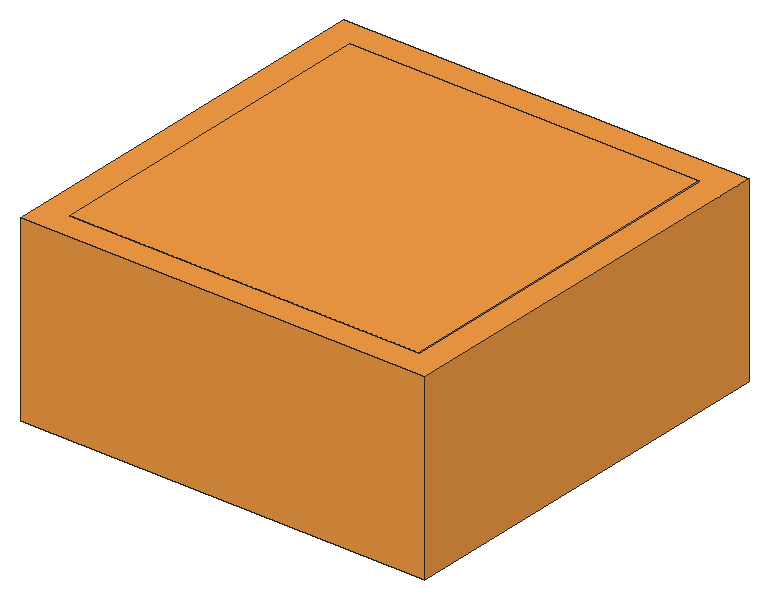
Revit family "Detector Titanus PRO·SENS tipo TP4_Aguilera Electronica", category Dispositivos de alarma de incendios, Revit 2017
Family settings
  Anfitrión = Cara
  Mantener orientación de anotación = Sí
  Cota de conector redondo = Diámetro de uso
  Tipo de pieza = Normal
  Número OmniClass = 23.85.30.21.11.17
  Título OmniClass = Other Components
  Corte con vacíos al cargar = No
  Compartido = No
  Punto de cálculo de habitación = No
Parameters (values of type "Titanus PRO·SENS tipo TP4 de 2 módulos de detección doble detección - Sensibilidad 0,15% y 0,1%")
  Zona de acción 80 m2 = yes
  Zona de acción 60 m2 = yes
  Voltaje = ""
  URL = "http://aguilera.es/?productos=titanus-prosens-tipo-tp1-1-modulo-de-deteccion"
  Símbolo texto modelo = yes
  Símbolo = yes
  Modelo = "AETP4-2-D0110"
  Fondo = 113 mm
  Fabricante = "Aguilera Electrónica"  # constant formula
  Elevación por defecto = 1200 mm
  Diámetro tubo = 20 mm
  Description = "El TITANUS PRO·SENS® ha sido desarrollado para una gran gama de aplicaciones. La alta modularidad del sistema ofrece una solución económica adaptada a las necesidades individuales del cliente.\r\n\r\nOfrece las opciones siguientes:\r\n\r\nConexión de uno o dos módulos detectores. Con un solo equipo podemos vigilar dos zonas, o bien doble detección en la misma zona (mediante el uso del adaptador en “”””Y”””” AET-P01109255).\r\nDe 1 a 3 niveles de alarma (aviso, prealarma y alarma) con relés conmutados libres de tensión, en función del modelo, para cada módulo detector.\r\nRelé de avería.\r\nConexión a red Ethernet, mediante tarjeta de red AET/ IT (No para modelos TP1).\r\nConexión al bucle algorítmico de Aguilera Electrónica mediante la tarjeta AE/SA-IT.\r\nVersión para zonas de congelación, que se puede utilizar en aplicaciones hasta – 40ºC.\r\nVersión silenciosa, con un nivel de ruido de 23dB(A).\r\n\r\nCaracterísticas técnicas:\r\n\r\nAlimentación: 24Vcc (14-30).\r\nDimensiones: 200x292x113 mm.\r\nIntervalo de temperatura: -20ºC a +60ºC.\r\nHumedad: del 10% al 95% sin condensación.\r\nCertificados EN 54-20 clases A, B, C nº 0786-CPD-20685.\r\nHomologados VdS, nº G 202064.\r\n"  # constant formula
  Código de montaje = "D5030700"
  Comentarios de tipo = "2 Niveles de alarma.\r\nNº máx. orificios de aspiración: 64 (2 x 32).\r\nLongitud máx. de conducto: 560 m (2 x 280).\r\nConsumo en reposo: 240 mA.\r\nConsumo máximo en alarma: 250 mA.\r\nSensibilidad Módulo 1: 0,15%.\r\nSensibilidad Módulo 2: 0,1%."
  Ancho = 200 mm
  Alto = 292 mm
Types (23, lengths in mm): name | Modelo | Comentarios de tipo
  (no name) | "AETP4-2-D0110" | "2 Niveles de alarma.\r\nNº máx. orificios de aspiración: 64 (2 x 32).\r\nLongitud máx. de conducto: 560 m (2 x 280).\r\nConsumo en reposo: 240 mA.\r\nConsumo máximo en alarma: 250 mA.\r\nSensibilidad Módulo 1: 0,15%.\r\nSensibilidad Módulo 2: 0,1%."
  Titanus PRO·SENS tipo TP4 de 1 módulo de detección - Sensibilidad 0,5% | "AETP4-50" | "2 Niveles de alarma.\r\nNº máx. orificios de aspiración: 32.\r\nLongitud máx. de conducto: 300 m.\r\nConsumo en reposo: 210 mA.\r\nConsumo máximo en alarma: 220 mA.\r\nSensibilidad: 0,5%."
  Titanus PRO·SENS tipo TP4 de 1 módulo de detección - Sensibilidad 0,1% | "AETP4-10" | "2 Niveles de alarma.\r\nNº máx. orificios de aspiración: 32.\r\nLongitud máx. de conducto: 300 m.\r\nConsumo en reposo: 210 mA.\r\nConsumo máximo en alarma: 220 mA.\r\nSensibilidad: 0,1%."
  Titanus PRO·SENS tipo TP4 de 1 módulo de detección - Sensibilidad 0,015% | "AETP4-01" | "2 Niveles de alarma.\r\nNº máx. orificios de aspiración: 32.\r\nLongitud máx. de conducto: 300 m.\r\nConsumo en reposo: 210 mA.\r\nConsumo máximo en alarma: 220 mA.\r\nSensibilidad: 0,015%."
  Titanus PRO·SENS tipo TP4 de 1 módulo de detección para ambiente frigorífico - Sensibilidad 0,5% | "AETP4-F50" | "2 Niveles de alarma.\r\nNº máx. orificios de aspiración: 32.\r\nLongitud máx. de conducto: 300 m.\r\nConsumo en reposo: 210 mA.\r\nConsumo máximo en alarma: 220 mA.\r\nSensibilidad: 0,5%."
  Titanus PRO·SENS tipo TP4 de 1 módulo de detección para ambiente frigorífico - Sensibilidad 0,1% | "AETP4-F10" | "2 Niveles de alarma.\r\nNº máx. orificios de aspiración: 32.\r\nLongitud máx. de conducto: 300 m.\r\nConsumo en reposo: 210 mA.\r\nConsumo máximo en alarma: 220 mA.\r\nSensibilidad: 0,1%."
  Titanus PRO·SENS tipo TP4 de 1 módulo de detección para ambiente frigorífico - Sensibilidad 0,015% | "AETP4-F01" | "2 Niveles de alarma.\r\nNº máx. orificios de aspiración: 32.\r\nLongitud máx. de conducto: 300 m.\r\nConsumo en reposo: 210 mA.\r\nConsumo máximo en alarma: 220 mA.\r\nSensibilidad: 0,015%."
  Titanus PRO·SENS tipo TP4 de 2 módulos de detección - Sensibilidad 0,5% y 0,5% | "AETP4-2-50" | "2 Niveles de alarma.\r\nNº máx. orificios de aspiración: 64 (2 x 32).\r\nLongitud máx. de conducto: 560 m (2 x 280).\r\nConsumo en reposo: 240 mA.\r\nConsumo máximo en alarma: 250 mA.\r\nSensibilidad Módulo 1: 0,5%.\r\nSensibilidad Módulo 2: 0,5%."
  Titanus PRO·SENS tipo TP4 de 2 módulos de detección - Sensibilidad 0,1% y 0,5% | "AETP4-2-1050" | "2 Niveles de alarma.\r\nNº máx. orificios de aspiración: 64 (2 x 32).\r\nLongitud máx. de conducto: 560 m (2 x 280).\r\nConsumo en reposo: 240 mA.\r\nConsumo máximo en alarma: 250 mA.\r\nSensibilidad Módulo 1: 0,1%.\r\nSensibilidad Módulo 2: 0,5%."
  Titanus PRO·SENS tipo TP4 de 2 módulos de detección - Sensibilidad 0,1% y 0,1% | "AETP4-2-10" | "2 Niveles de alarma.\r\nNº máx. orificios de aspiración: 64 (2 x 32).\r\nLongitud máx. de conducto: 560 m (2 x 280).\r\nConsumo en reposo: 240 mA.\r\nConsumo máximo en alarma: 250 mA.\r\nSensibilidad Módulo 1: 0,1%.\r\nSensibilidad Módulo 2: 0,1%."
  Titanus PRO·SENS tipo TP4 de 2 módulos de detección - Sensibilidad 0,15% y 0,5% | "AETP4-2-0150" | "2 Niveles de alarma.\r\nNº máx. orificios de aspiración: 64 (2 x 32).\r\nLongitud máx. de conducto: 560 m (2 x 280).\r\nConsumo en reposo: 240 mA.\r\nConsumo máximo en alarma: 250 mA.\r\nSensibilidad Módulo 1: 0,15%.\r\nSensibilidad Módulo 2: 0,5%."
  Titanus PRO·SENS tipo TP4 de 2 módulos de detección - Sensibilidad 0,15% y 0,1% | "AETP4-2-0110" | "2 Niveles de alarma.\r\nNº máx. orificios de aspiración: 64 (2 x 32).\r\nLongitud máx. de conducto: 560 m (2 x 280).\r\nConsumo en reposo: 240 mA.\r\nConsumo máximo en alarma: 250 mA.\r\nSensibilidad Módulo 1: 0,15%.\r\nSensibilidad Módulo 2: 0,1%."
  Titanus PRO·SENS tipo TP4 de 2 módulos de detección - Sensibilidad 0,15% y 0,15% | "AETP4-2-01" | "2 Niveles de alarma.\r\nNº máx. orificios de aspiración: 64 (2 x 32).\r\nLongitud máx. de conducto: 560 m (2 x 280).\r\nConsumo en reposo: 240 mA.\r\nConsumo máximo en alarma: 250 mA.\r\nSensibilidad Módulo 1: 0,15%.\r\nSensibilidad Módulo 2: 0,15%."
  Titanus PRO·SENS tipo TP4 de 2 módulos de detección para ambiente frigorífico - Sensibilidad 0,5% y 0,5% | "AETP4-F2-50" | "2 Niveles de alarma.\r\nNº máx. orificios de aspiración: 64 (2 x 32).\r\nLongitud máx. de conducto: 560 m (2 x 280).\r\nConsumo en reposo: 240 mA.\r\nConsumo máximo en alarma: 250 mA.\r\nSensibilidad Módulo 1: 0,5%.\r\nSensibilidad Módulo 2: 0,5%."
  Titanus PRO·SENS tipo TP4 de 2 módulos de detección para ambiente frigorífico - Sensibilidad 0,1% y 0,1% | "AETP4-F2-10" | "2 Niveles de alarma.\r\nNº máx. orificios de aspiración: 64 (2 x 32).\r\nLongitud máx. de conducto: 560 m (2 x 280).\r\nConsumo en reposo: 240 mA.\r\nConsumo máximo en alarma: 250 mA.\r\nSensibilidad Módulo 1: 0,1%.\r\nSensibilidad Módulo 2: 0,1%."
  Titanus PRO·SENS tipo TP4 de 2 módulos de detección para ambiente frigorífico - Sensibilidad 0,1% y 0,5% | "AETP4-F2-1050" | "2 Niveles de alarma.\r\nNº máx. orificios de aspiración: 64 (2 x 32).\r\nLongitud máx. de conducto: 560 m (2 x 280).\r\nConsumo en reposo: 240 mA.\r\nConsumo máximo en alarma: 250 mA.\r\nSensibilidad Módulo 1: 0,1%.\r\nSensibilidad Módulo 2: 0,5%."
  Titanus PRO·SENS tipo TP4 de 2 módulos de detección para ambiente frigorífico - Sensibilidad 0,15% y 0,1% | "AETP4-F2-0110" | "2 Niveles de alarma.\r\nNº máx. orificios de aspiración: 64 (2 x 32).\r\nLongitud máx. de conducto: 560 m (2 x 280).\r\nConsumo en reposo: 240 mA.\r\nConsumo máximo en alarma: 250 mA.\r\nSensibilidad Módulo 1: 0,15%.\r\nSensibilidad Módulo 2: 0,1%."
  Titanus PRO·SENS tipo TP4 de 2 módulos de detección para ambiente frigorífico - Sensibilidad 0,15% y 0,15% | "AETP4-F2-01" | "2 Niveles de alarma.\r\nNº máx. orificios de aspiración: 64 (2 x 32).\r\nLongitud máx. de conducto: 560 m (2 x 280).\r\nConsumo en reposo: 240 mA.\r\nConsumo máximo en alarma: 250 mA.\r\nSensibilidad Módulo 1: 0,15%.\r\nSensibilidad Módulo 2: 0,15%."
  Titanus PRO·SENS tipo TP4 de 2 módulos de detección para ambiente frigorífico - Sensibilidad 0,15% y 0,5% | "AETP4-F2-0150" | "2 Niveles de alarma.\r\nNº máx. orificios de aspiración: 64 (2 x 32).\r\nLongitud máx. de conducto: 560 m (2 x 280).\r\nConsumo en reposo: 240 mA.\r\nConsumo máximo en alarma: 250 mA.\r\nSensibilidad Módulo 1: 0,15%.\r\nSensibilidad Módulo 2: 0,5%."
  Titanus PRO·SENS tipo TP4 de 2 módulos de detección doble detección - Sensibilidad 0,5% y 0,5% | "AETP4-2-D5050" | "2 Niveles de alarma.\r\nNº máx. orificios de aspiración: 64 (2 x 32).\r\nLongitud máx. de conducto: 560 m (2 x 280).\r\nConsumo en reposo: 240 mA.\r\nConsumo máximo en alarma: 250 mA.\r\nSensibilidad Módulo 1: 0,5%.\r\nSensibilidad Módulo 2: 0,5%."
  Titanus PRO·SENS tipo TP4 de 2 módulos de detección doble detección - Sensibilidad 0,1% y 0,5% | "AETP4-2-D1050" | "2 Niveles de alarma.\r\nNº máx. orificios de aspiración: 64 (2 x 32).\r\nLongitud máx. de conducto: 560 m (2 x 280).\r\nConsumo en reposo: 240 mA.\r\nConsumo máximo en alarma: 250 mA.\r\nSensibilidad Módulo 1: 0,1%.\r\nSensibilidad Módulo 2: 0,5%."
  Titanus PRO·SENS tipo TP4 de 2 módulos de detección doble detección - Sensibilidad 0,15% y 0,5% | "AETP4-2-D0150" | "2 Niveles de alarma.\r\nNº máx. orificios de aspiración: 64 (2 x 32).\r\nLongitud máx. de conducto: 560 m (2 x 280).\r\nConsumo en reposo: 240 mA.\r\nConsumo máximo en alarma: 250 mA.\r\nSensibilidad Módulo 1: 0,15%.\r\nSensibilidad Módulo 2: 0,5%."
  Titanus PRO·SENS tipo TP4 de 2 módulos de detección doble detección - Sensibilidad 0,15% y 0,1% | "AETP4-2-D0110" | "2 Niveles de alarma.\r\nNº máx. orificios de aspiración: 64 (2 x 32).\r\nLongitud máx. de conducto: 560 m (2 x 280).\r\nConsumo en reposo: 240 mA.\r\nConsumo máximo en alarma: 250 mA.\r\nSensibilidad Módulo 1: 0,15%.\r\nSensibilidad Módulo 2: 0,1%."
Reference planes
  plane 1 "Centro (Frontal/Posterior)": y = 0
  plane 2: z = 0
  plane 3 "Centro (Izquierda/Derecha)": x = 0
  plane 4: y = 146
  plane 5: y = -146
  plane 6: x = -100
  plane 7: x = 100
  plane 8: z = 113
  plane 9: z = 110
  plane 10: z = 107
Forms (mm)
  Extrusion 1, solid
    sketch origin (0, 0, 0) x (1, 0, 0) y (0, 1, 0)
      loop
        line (-1219.2, 1219.2) -> (-1219.2, -1219.2) -> (1219.2, -1219.2) -> (1219.2, 1219.2) -> (-1219.2, 1219.2)
    from 0 to -304.8
  Extrusion 2, solid, material "ABS Gris"
    sketch origin (0, 0, 0) x (1, 0, 0) y (0, 1, 0)
      loop
        line (-100, -146) -> (100, -146) -> (100, 146) -> (-100, 146) -> (-100, -146)
    from 0 to 113 <- "Fondo"
  Extrusion 3, solid, material "ABS Gris", detail levels fine
    sketch origin (0, 0, 0) x (1, 0, 0) y (0, 1, 0)
      loop
        line (84.502, -111.186) -> (84.502, -0.381)
        arc (84.502, -0.381) -> (-2.643, -8.099) -> (-85.498, -36.186) r 367.691
        line (-85.498, -36.186) -> (-85.498, -111.186) -> (84.502, -111.186)
    from 113 to 123
  Extrusion 4, solid, material "ABS Gris", detail levels fine
    sketch origin (0, 0, 0) x (1, 0, 0) y (0, 0, 1)
      loop
        circle (34.456, 58.972) r 15
    from -156 to -146
  Extrusion 5, solid, material "ABS Gris", detail levels fine
    sketch origin (0, 0, 0) x (-1, 0, 0) y (0, 0, -1)
      loop
        circle (34.456, -58.972) r 15
    from -156 to -146
  Extrusion 6, solid, material "Zona de acción", visible <- "Zona de acción 80 m2"
    sketch origin (-3703.865, 3705, 0) x (1, 0, 0) y (0, 1, 0)
      loop
        line (-746.135, -8155) -> (8153.865, -8155) -> (8153.865, 745) -> (-746.135, 745) -> (-746.135, -8155)
    from 0 to 4000
  Extrusion 7, solid, material "Zona de acción", visible <- "Zona de acción 60 m2"
    sketch origin (-4303.865, 3105, 0) x (1, 0, 0) y (0, 1, 0)
      loop
        line (453.865, -6955) -> (8153.865, -6955) -> (8153.865, 745) -> (453.865, 745) -> (453.865, -6955)
    from 0 to 4000
Dimensions and locks
  equal spacing: plane 5, plane 1 "Centro (Frontal/Posterior)", plane 4
  "Alto": plane 5 to plane 4
  equal spacing: plane 6, plane 3 "Centro (Izquierda/Derecha)", plane 7
  "Ancho": plane 6 to plane 7
  "Fondo": plane 8 to plane 2
  locked: plane 8 to plane 10 at 6
  locked: plane 8 to plane 9 at 3
  aligned and locked: plane 2 to Extrusion 1
  aligned and locked: level to Extrusion 1
  aligned and locked: plane 5 to Extrusion 2 sketch curve
  aligned and locked: Extrusion 2 sketch curve to plane 6
  aligned and locked: plane 4 to Extrusion 2 sketch curve
  aligned and locked: Extrusion 2 sketch curve to plane 7
Automatic sketch dimensions
  Extrusion 1 sketch curve to Extrusion 1 sketch curve = 2438.4 mm  (x2)
  plane 6 to Extrusion 3 sketch curve = 14.502 mm
  plane 7 to Extrusion 3 sketch curve = 26.864 mm
  plane 1 "Centro (Frontal/Posterior)" to Extrusion 3 sketch curve = 0.381 mm
  plane 7 to Extrusion 3 sketch curve = 15.498 mm
  plane 1 "Centro (Frontal/Posterior)" to Extrusion 3 sketch curve = 36.186 mm
  Extrusion 3 sketch curve to plane 5 = 34.814 mm
  plane 3 "Centro (Izquierda/Derecha)" to Extrusion 4 sketch curve = 34.456 mm
  Extrusion 4 sketch curve to plane 10 = 48.028 mm
  plane 3 "Centro (Izquierda/Derecha)" to Extrusion 5 sketch curve = 34.456 mm
  plane 10 to Extrusion 5 sketch curve = 48.028 mm
  Extrusion 6 sketch curve to plane 6 = 4350 mm
  Extrusion 6 sketch curve to plane 7 = 4350 mm
  plane 5 to Extrusion 6 sketch curve = 4304 mm
  plane 4 to Extrusion 6 sketch curve = 4304 mm
  Extrusion 7 sketch curve to plane 6 = 3750 mm
  Extrusion 7 sketch curve to plane 7 = 3750 mm
  plane 5 to Extrusion 7 sketch curve = 3704 mm
  plane 4 to Extrusion 7 sketch curve = 3704 mm
  radius of Extrusion 4 sketch curve = 15 mm
  radius of Extrusion 5 sketch curve = 15 mm
Nested families
  nested 1: "S_Detector Titanus PRO·SENS_Aguilera Electronica" at (0, 0, 0), visible <- "Símbolo", type "S_Detector Titanus PRO·SENS_Aguilera Electronica"
Connectors
  electrical at (0, 0, 0), driven by "Modelo"
    settings: index 1, voltage 0 V, apparent load 0 VA, apparent load phase1 0 VA, apparent load phase2 0 VA, apparent load phase3 0 VA, power factor 1, load classification "Potencia", number of poles 1, system type 31, power factor state 1, is connector primary yes, connector utility no, sub classification motor no, connector description "AETP4-2-D0110"
  cabletrayconduit at (0, 0, 0), diameter 20, driven by "Diámetro tubo"
    settings: on Extrusion 2, index 2, connector width 300 mm, connector height 300 mm, connector angle 0.00°, system type 32, placement type 0, profile type 0, connector reference index -1, is primary connector yes, connector utility param no, connector description ""
Definition of nested family "S_Detector Titanus PRO·SENS_Aguilera Electronica"
  Parameters (values of type "S_Detector Titanus PRO·SENS_Aguilera Electronica")
    Texto símbolo = "Detector"
    Texto modelo = yes
    Modelo = "Detector"
  Reference planes
    plane 1: y = 0
    plane 2: x = 0
  Lines and regions (mm)
    detail lines
      curve 1: line (-3.572, -5.498, 0) -> (3.896, -5.498, 0)
      curve 2: line (-3.572, 5.498, 0) -> (-3.572, -5.498, 0)
      curve 3: line (3.896, 5.498, 0) -> (-3.572, 5.498, 0)
      curve 4: line (3.896, -5.498, 0) -> (3.896, 5.498, 0)
  Text (mm)
    label "Texto símbolo" at (-0.164, 2.864, 0), shows "Texto símbolo"
    label "Modelo" at (-0.164, -2.652, 0), shows "Modelo", visible <- "Texto modelo"
